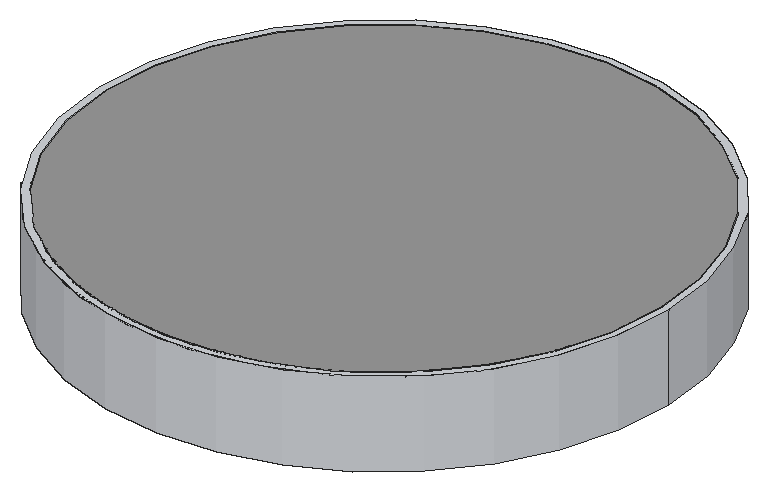
Revit family "2071130", category Lighting Fixtures, host Face, Revit 2018
Family settings
  Host = Face
  Round Connector Dimension = Use Diameter
  Part Type = Normal
  OmniClass Number = 23.80.70.00
  OmniClass Title = Lighting
  Cut with Voids When Loaded = No
  Light Source = Yes
  Shared = No
  Room Calculation Point = No
Parameters (values of type "2071130 COLOSSAL 400 940 PR DIR WHT SSC")
  iner diameter = 390 mm
  Weight = "n/a"
  Wattage Comments = ""
  Wattage = 30 W
  WarrantyStartDate [instance] = "n/a"
  WarrantyGuarantorParts = "n/a"
  WarrantyDurationUnit = "n/a"
  WarrantyDurationParts = ""
  WarrantyDescription = "http://www.sylvania-lighting.com"
  built-in parameter 1150110 = 1 (stored number, unit not read)
  Voltage = 230 V
  URL = "0.95"
  TypeName = "COLOSSAL 400mm 940 PRISM DIR WHITE SSC"
  Type Image = <None>
  Type Comments = "n/a"
  built-in parameter 1114217 = 1 (stored number, unit not read)
  Tilt Angle = -90.00°
  built-in parameter 1150109 = 1 (stored number, unit not read)
  built-in parameter 1150134 = (empty or 0)
  built-in parameter 1150113 = 1 (stored number, unit not read)
  SerialNumber [instance] = "n/a"
  Photometric Web File = "2071130.ies"
  Material_3_SYL = LED-Sylvania
  PowerFactor = 0
  PowerConsumption = "Lighting"
  NominalLength = 400 mm
  NominalHeight = 93 mm
  NominalDepth = 400 mm
  Name = "COLOSSAL 400mm 940 PRISM DIR WHITE SSC"
  ModelReference = Name  # "COLOSSAL 400mm 940 PRISM DIR WHITE SSC"
  ModelNumber = "2071130"
  Model = Name  # "COLOSSAL 400mm 940 PRISM DIR WHITE SSC"
  Material = "Feilo Sylvania"
  ManufacturerName = "104 lm/W"
  Manufacturer = ""
  LuminousEfficacy = ""
  built-in parameter 1150105 = 270.44 (stored number, unit not read)
  Lumens = 3398.4 lm
  LuminaireType = "0"
  built-in parameter 1150115 = 1 (stored number, unit not read)
  LightOutputRatio = "LED"
  built-in parameter 1150137 = (empty or 0)
  built-in parameter 1150139 = (empty or 0)
  LampsType = Lamp  # "n/a"
  LampNominalLuminous = "4000 K"
  LampMacAdamStep = "90"
  LampColourTemperature = "LED"
  LampColourRenderingIndex = "16500"
  built-in parameter 1150112 = 1 (stored number, unit not read)
  built-in parameter 1150114 = 1 (stored number, unit not read)
  Lamp = "n/a"
  Keynote = "n/a"
  InstallationDate [instance] = "n/a"
  InputVoltage = "0"
  InputNominalFrequency = "4000"
  built-in parameter 1150132 = (empty or 0)
  built-in parameter 1150102 = (empty or 0)
  built-in parameter 1150107 = 3000 (stored number, unit not read)
  built-in parameter 1150138 = (empty or 0)
  IngressProtection = "IfcLightFixtureType"
  ImpactProtectionIndex = "IfcLightFixtureType"
  built-in parameter 1150106 = 2.7044 (stored number, unit not read)
  IfcExportType = "IfcLightFixtureType"
  IfcExportAs = "Class I"
  Emit from Circle Diameter = 385 mm
  Emit Shape Visible in Rendering = no
  ElectricShockClassification = "104"
  built-in parameter 1150104 = 10.524 (stored number, unit not read)
  DocumentationLiterature = "http://www.sylvania-lighting.com/product/en-int/products/2071130"
  DimmingControlOptions = "n/a"
  Material_2_SYL = Polycarbonate_Sylvania_White
  Dimming Lamp Color Temperature Shift = <None>
  Description = "400mm diameter circular architectural luminaire, can be surface mounted or suspended. Powder coated aluminium housing (RAL9016) with PMMA prismatic diffuser. Direct light distribution, 1650lm luminuous flux, 15.9W system power, 104lm/W luminiaire efficacy. Sylsmart Standalone enabled. Colour rendering index Ra >90, 4000K Neutral White LED, chromaticity tolerance of 3-step MacAdam ellipse. IP40, IK03. 350mA drive current. UGR≤19. Electrical protection Class1, 220-240V. Reported lifetime 66k hours L90B10."
  Default Elevation = 1219.2 mm
  CreatedOn = "22/03/2022"
  CreatedBy = "@sylvania-lighting.com"
  Cost = 0
  Color Filter = 16777215
  built-in parameter 1114216 [instance] = (empty or 0)
  ClassificationValue = "EF_70_80"
  ClassificationName = "Uniclass2015"
  Material_1_SYL = Polycarbonate_Sylvania_Opal
  BarCode [instance] = "n/a"
  built-in parameter 1114218 = 1 (stored number, unit not read)
  built-in parameter 1150133 = 10 (stored number, unit not read)
  AssetType = "Fixed"
  AssetIdentifier [instance] = "n/a"
  Assembly Code = "D5020200"
  Apparent Load = 15.9 VA
  Material_4_SYL = none
Reference planes
  plane 1 "Center (Front/Back)": y = 0
  plane 2: z = 0
  plane 3 "Center (Left/Right)": x = 0
  plane 4: x = -200
  plane 5: x = 200
  plane 6: y = 200
  plane 7: y = -200
  plane 8: y = 236
  plane 9: y = -236
  plane 10: z = 93
  plane 11: y = 195
  plane 12: y = -195
  plane 13: y = 90.5
  plane 14: y = 144.5
  plane 15: through (52.25, 90.5, 1219.2) normal (0.866, 0.5, 0)
  plane 16: through (52.25, 90.5, 1219.2) normal (0.866, 0.5, 0)
  plane 17: through (63.706, 126.657, 1219.2) normal (0.866, 0.5, 0)
  plane 18: through (-104.5, 0, 1219.2) normal (-0.866, 0.5, 0)
  plane 19: through (-142.394, -9.633, 1219.2) normal (-0.866, 0.5, 0)
  plane 20: y = -90.5
  plane 21: y = -118.5
  plane 22: through (85.371, -141.133, 1219.2) normal (-0.866, 0.5, 0)
  plane 23: through (52.25, -90.5, 1219.2) normal (-0.866, 0.5, 0)
  plane 24: through (-161.658, 0, 1219.2) normal (0.866, 0.5, 0)
  plane 25: through (-172.12, 9.121, 1219.2) normal (0.866, 0.5, 0)
  plane 26: through (-104.5, 0, 1219.2) normal (0.866, 0.5, 0)
Forms (mm)
  Extrusion 1, solid, detail levels medium+fine
    sketch origin (0, 0, 0) x (1, 0, 0) y (0, 1, 0)
      loop
        circle (0, 0) r 200
    from 33.023 to 93
  Extrusion 2, void
    sketch origin (0, 0, 0) x (1, 0, 0) y (0, 1, 0)
      loop
        circle (0, 0) r 195
    from 93 to 37.292
  Extrusion 3, solid, material "Glass, White, High Luminance", detail levels fine
    sketch origin (0, 0, 0) x (1, 0, 0) y (0, 1, 0)
      loop
        circle (0, 0) r 195
    from 88.026 to 93
  Extrusion 4, solid, detail levels coarse
    sketch origin (0, 0, 0) x (1, 0, 0) y (0, 1, 0)
      loop
        line (-200, 200) -> (-200, -200) -> (200, -200) -> (200, 200) -> (-200, 200)
    from 0 to 93
  Blend 5, solid, detail levels medium+fine
    base sketch origin (0, 0, 0) x (1, 0, 0) y (0, 1, 0)
      loop
        line (-52.25, 90.5) -> (-104.5, 0) -> (-52.25, -90.5) -> (52.25, -90.5) -> (104.5, 0) -> (52.25, 90.5) -> (-52.25, 90.5)
    top sketch origin (0, 0, 0) x (1, 0, 0) y (0, 1, 0)
      loop
        line (-53.405, 144.5) -> (-149.245, -21.5) -> (-93.242, -118.5) -> (98.438, -118.5) -> (151.843, -26) -> (53.405, 144.5) -> (-53.405, 144.5)
    from 0 to 33.023
Cuts and joins
  Extrusion 2 cuts Extrusion 1
Dimensions and locks
  "NominalDepth": plane 6 to plane 7
  "NominalLength": plane 4 to plane 5
  equal spacing: plane 4, plane 3 "Center (Left/Right)", plane 5
  "iner diameter": plane 11 to plane 12
  equal spacing: plane 11, plane 1 "Center (Front/Back)", plane 12
  equal spacing: plane 6, plane 1 "Center (Front/Back)", plane 7
  "NominalHeight": plane 10 to level
  plane 19 to plane 18 = 28 mm
  radius of Extrusion 2 sketch curve = 195 mm
  aligned and locked: plane 2 to host face
  aligned and locked: level to host face
Automatic sketch dimensions
  host sketch curve to host sketch curve = 2438.4 mm  (x2)
  plane 1 "Center (Front/Back)" to Extrusion 1 sketch curve = 0 mm
  Extrusion 1 sketch curve to plane 3 "Center (Left/Right)" = 0 mm
  plane 1 "Center (Front/Back)" to Extrusion 2 sketch curve = 0 mm
  Extrusion 2 sketch curve to plane 3 "Center (Left/Right)" = 0 mm
  plane 1 "Center (Front/Back)" to Extrusion 3 sketch curve = 0 mm
  Extrusion 3 sketch curve to plane 3 "Center (Left/Right)" = 0 mm
  Extrusion 4 sketch curve to plane 4 = 0 mm
  Extrusion 4 sketch curve to plane 5 = 0 mm
  Extrusion 4 sketch curve to plane 7 = 0 mm
  Extrusion 4 sketch curve to plane 6 = 0 mm
  Blend 5 sketch curve to plane 19 = 0 mm  (x2)
  Blend 5 sketch curve to plane 24 = 0 mm  (x2)
  Blend 5 sketch curve to plane 21 = 0 mm
  Blend 5 sketch curve to plane 14 = 0 mm
  Blend 5 sketch curve to plane 17 = 0 mm  (x2)
  Blend 5 sketch curve to plane 22 = 0 mm  (x2)
  radius of Extrusion 1 sketch curve = 200 mm
  radius of Extrusion 3 sketch curve = 195 mm
Connectors
  electrical at (0, 0, 0), driven by "Apparent Load", driven by "PowerFactor", driven by "Voltage"
    settings: index 1, voltage 230 V, apparent load 15.9 VA, apparent load phase1 0 VA, apparent load phase2 0 VA, apparent load phase3 0 VA, power factor 0, load classification "Lighting", number of poles 1, system type 30, power factor state 1, is connector primary yes, connector utility no, sub classification motor no, connector description ""
